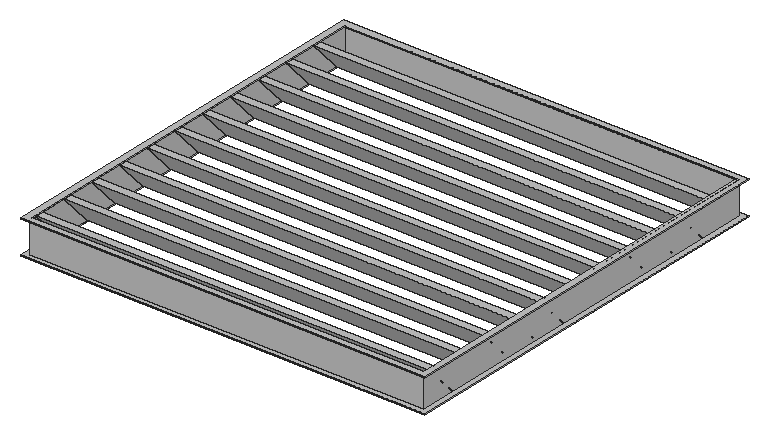
Revit family "Louver-Flanged_Frame-Carnes-Backdraft_Damper-Exhaust_FTPB", category Air Terminals, host Face, Revit 2012
Parameters (values of type "(See Type Catalog)")
  ecoScorecard_data = ""
  ecoScorecard Product Page = "http://ecoscorecard.com/"
  Wall Thickness Cut [instance] = 9.03516"
  URL = "http://www.carnes.com/index.html"
  Subcategory = "Louvers and Dampers"
  Specifications  URL = "http://www.carnes.com/Louvers/pdf/30097.pdf"
  Product Page URL = "http://www.carnes.com/Louvers/FPPB-FTPB.htm"
  Product Line = "Combination Louver / Backdraft Damper"
  Pressure Drop = 0.00 Pa
  Outside Width = Louver Width Control + 0.75" * 2  # 49.50"
  Outside Height = Louver Height Control + 0.75" * 2  # 49.50"
  Model = "FTPB"
  Minimum Size = "12\"W x 12\"H"
  Meets Building Code Standards = "See Catalog URL"
  Maximum Size Note = "60\"W x 120\"H"
  Manufacturer = "Carnes Company"
  Louver Width Control = if(Louver Width < 12.00", 12.00", if(Louver Width > 60.00", 60.00", Louver Width))  # 48.00"
  Louver Height Control = if(Louver Height < 12.00", 12.00", if(Louver Height > 120.00", 120.00", Louver Height))  # 48.00"
  Free Area Note = "See Spec Sheet URL"
  Free Area = 0.00 SF
  Description = "Combination Louver / Backdraft Damper"
  Connector Description 1 = "Duct Connetor"
  Blades Quantity [instance] = (Louver Height Control - (Blade Offset from Frame - 0.75")) / 4.25"  # 11
  Manufacturer Phone = "608-845-6411"
  Manufacturer Fax = "608-845-6470"
  Manufacturer Email = "mailto:carnes@carnes.com"
  Manufacturer Address = "448 S. Main St., P. O. Box 930040, Verona, WI 53593-0040"
  Louver Width = 48.00"
  Louver Length = 4.16016"
  Louver Height = 48.00"
  Blades Length [instance] = Louver Length - (0.13" * 2)  # 3.90016"
  Frame Material = Aluminum - Carnes - Extruded
  Default Elevation = 48.00"
  Cost Info = "mailto:carnes@carnes.com"
  Catalog URL = "http://www.carnes.com/Louvers/pdf/f40-41.pdf"
  Symbol Blades Quantity = Louver Width / 4.25"  # 11
  Blade Offset from Frame [instance] = 3.50"
  Blade Material = Aluminum - Carnes - Extruded
  Assembly Code = "D3090700"
  Airflow = 0 CFM
  95 CSI = "10200"
  04 CSI = "08 91 00"
Reference planes (in)
  plane 1 "Center (Elevation)": y = 0
  plane 2: z = 0
  plane 3 "Center (Left/Right)": x = 0
  plane 4 "Rear": z = -4.16016
  plane 5: z = -0.125
  plane 6: z = -4.03516
  plane 7: z = -2.08008
  plane 8: x = -24
  plane 9: x = 24
  plane 10: x = -24.75
  plane 11: x = 24.75
  plane 12: y = 24
  plane 13: y = -24
  plane 14: y = 24.75
  plane 15: y = -24.75
  plane 16 "Blade CL": y = 21.25
  plane 17: z = -9.03516
Forms (in)
  Extrusion 1, solid, material "Aluminum - Carnes - Extruded" <- "Frame Material"
    sketch origin (0, 0, 0) x (1, 0, 0) y (0, 1, 0)
      loop
        line (-24.75, 24.75) -> (-24.75, -24.75) -> (24.75, -24.75) -> (24.75, 24.75) -> (-24.75, 24.75)
      loop
        line (-24, 24) -> (-24, -24) -> (24, -24) -> (24, 24) -> (-24, 24)
    from -0.125 to 0
  Extrusion 2, solid, material "Aluminum - Carnes - Extruded" <- "Frame Material"
    sketch origin (0, 0, 0) x (1, 0, 0) y (0, 1, 0)
      loop
        line (-24.75, 24.75) -> (-24.75, -24.75) -> (24.75, -24.75) -> (24.75, 24.75) -> (-24.75, 24.75)
      loop
        line (-24, 24) -> (-24, -24) -> (24, -24) -> (24, 24) -> (-24, 24)
    from -4.16016 to -4.03516
  Extrusion 3, solid, material "Aluminum - Carnes - Extruded" <- "Frame Material"
    sketch origin (0, 0, 0) x (1, 0, 0) y (0, 1, 0)
      loop
        line (-24, 24) -> (-24, -24) -> (24, -24) -> (24, 24) -> (-24, 24)
      loop
        line (-24.125, 24.125) -> (-24.125, -24.125) -> (24.125, -24.125) -> (24.125, 24.125) -> (-24.125, 24.125)
    from -4.03516 to -0.125
  Sweep 4, void
    path origin (0, 0, 0) x (0, 1, 0) y (0, 0, 1)
      loop
        line (0, 0) -> (0, -9.03516)
    profile origin (0, 0, -4.51758) x (1, 0, 0) y (0, 1, 0)
      loop
        line (-24.75, 24.75) -> (-24.75, -24.75) -> (24.75, -24.75) -> (24.75, 24.75) -> (-24.75, 24.75)
Lines and regions (in)
  Masking region 1, detail levels coarse
    outline origin (0, 0, 0) x (1, 0, 0) y (0, 0, 1)
      loop
        line (24.75, 0) -> (-24.75, 0) -> (-24.75, -4.16016) -> (24.75, -4.16016) -> (24.75, 0)
  Masking region 2, detail levels medium+fine
    outline origin (0, 0, 0) x (1, 0, 0) y (0, 0, 1)
      loop
        line (24.75, 0) -> (-24.75, 0) -> (-24.75, -0.125) -> (-24.125, -0.125) -> (-24.125, -4.03516) -> (-24.75, -4.03516) -> (-24.75, -4.16016) -> (24.75, -4.16016) -> (24.75, -4.03516) -> (24.125, -4.03516) -> (24.125, -0.125) -> (24.75, -0.125) -> (24.75, 0)
  symbolic lines, detail levels fine
    curve 1: line (24.125, 0, -0.125) -> (-24.125, 0, -0.125)
    curve 2: line (24.125, 0, -4.03516) -> (-24.125, 0, -4.03516)
  symbolic lines
    curve 3: line (24, 0, -0.1875) -> (23.52861, 0, -0.1875)
    curve 4: line (21.47501, 0, -3.97516) -> (22.50249, 0, -2.08008)
    curve 5: line (22.50249, 0, -2.08008) -> (23.52861, 0, -0.1875)
    curve 6: line (21.47501, 0, -3.97516) -> (20.94248, 0, -3.97516)
    curve 7: line (19.75, 0, -0.1875) -> (19.27861, 0, -0.1875)
    curve 8: line (17.22501, 0, -3.97516) -> (18.25249, 0, -2.08008)
    curve 9: line (18.25249, 0, -2.08008) -> (19.27861, 0, -0.1875)
    curve 10: line (17.22501, 0, -3.97516) -> (16.69248, 0, -3.97516)
    curve 11: line (15.5, 0, -0.1875) -> (15.02861, 0, -0.1875)
    curve 12: line (12.97501, 0, -3.97516) -> (14.00249, 0, -2.08008)
    curve 13: line (14.00249, 0, -2.08008) -> (15.02861, 0, -0.1875)
    curve 14: line (12.97501, 0, -3.97516) -> (12.44248, 0, -3.97516)
    curve 15: line (11.25, 0, -0.1875) -> (10.77861, 0, -0.1875)
    curve 16: line (8.72501, 0, -3.97516) -> (9.75249, 0, -2.08008)
    curve 17: line (9.75249, 0, -2.08008) -> (10.77861, 0, -0.1875)
    curve 18: line (8.72501, 0, -3.97516) -> (8.19248, 0, -3.97516)
    curve 19: line (7, 0, -0.1875) -> (6.52861, 0, -0.1875)
    curve 20: line (4.47501, 0, -3.97516) -> (5.50249, 0, -2.08008)
    curve 21: line (5.50249, 0, -2.08008) -> (6.52861, 0, -0.1875)
    curve 22: line (4.47501, 0, -3.97516) -> (3.94248, 0, -3.97516)
    curve 23: line (2.75, 0, -0.1875) -> (2.27861, 0, -0.1875)
    curve 24: line (0.22501, 0, -3.97516) -> (1.25249, 0, -2.08008)
    curve 25: line (1.25249, 0, -2.08008) -> (2.27861, 0, -0.1875)
    curve 26: line (0.22501, 0, -3.97516) -> (-0.30752, 0, -3.97516)
    curve 27: line (-1.5, 0, -0.1875) -> (-1.97139, 0, -0.1875)
    curve 28: line (-4.02499, 0, -3.97516) -> (-2.99751, 0, -2.08008)
    curve 29: line (-2.99751, 0, -2.08008) -> (-1.97139, 0, -0.1875)
    curve 30: line (-4.02499, 0, -3.97516) -> (-4.55752, 0, -3.97516)
    curve 31: line (-5.75, 0, -0.1875) -> (-6.22139, 0, -0.1875)
    curve 32: line (-8.27499, 0, -3.97516) -> (-7.24751, 0, -2.08008)
    curve 33: line (-7.24751, 0, -2.08008) -> (-6.22139, 0, -0.1875)
    curve 34: line (-8.27499, 0, -3.97516) -> (-8.80752, 0, -3.97516)
    curve 35: line (-10, 0, -0.1875) -> (-10.47139, 0, -0.1875)
    curve 36: line (-12.52499, 0, -3.97516) -> (-11.49751, 0, -2.08008)
    curve 37: line (-11.49751, 0, -2.08008) -> (-10.47139, 0, -0.1875)
    curve 38: line (-12.52499, 0, -3.97516) -> (-13.05752, 0, -3.97516)
    curve 39: line (-14.25, 0, -0.1875) -> (-14.72139, 0, -0.1875)
    curve 40: line (-16.77499, 0, -3.97516) -> (-15.74751, 0, -2.08008)
    curve 41: line (-15.74751, 0, -2.08008) -> (-14.72139, 0, -0.1875)
    curve 42: line (-16.77499, 0, -3.97516) -> (-17.30752, 0, -3.97516)
    curve 43: line (-18.5, 0, -0.1875) -> (-18.97139, 0, -0.1875)
    curve 44: line (-21.02499, 0, -3.97516) -> (-19.99751, 0, -2.08008)
    curve 45: line (-19.99751, 0, -2.08008) -> (-18.97139, 0, -0.1875)
    curve 46: line (-21.02499, 0, -3.97516) -> (-21.55752, 0, -3.97516)
Dimensions and locks (in)
  equal spacing: plane 15, plane 1 "Center (Elevation)", plane 14
  locked: plane 2 to plane 5 at 0.125
  locked: plane 6 to plane 4 "Rear" at 0.125
  "Louver Length": plane 2 to plane 4 "Rear"
  equal spacing: plane 5, plane 7, plane 6
  "Blade Offset from Frame": plane 14 to plane 16 "Blade CL"
  "Outside Height": plane 14 to plane 15
  equal spacing: plane 8, plane 3 "Center (Left/Right)", plane 9
  "Louver Width": plane 8 to plane 9
  equal spacing: plane 10, plane 3 "Center (Left/Right)", plane 11
  "Outside Width": plane 10 to plane 11
  equal spacing: plane 13, plane 1 "Center (Elevation)", plane 12
  "Louver Height": plane 13 to plane 12
  locked: curve 3 to plane 5 at 0.0625
  equal spacing: group 1, group 2, group 3, group 4, group 5, group 6, group 7, group 8, group 9, group 10, group 22  (x2)
  equal spacing: group 22, group 10, group 9, group 8, group 7, group 6, group 5, group 4, group 3, group 2, group 1
  locked: nested 1 to nested 2 at 4.25
  plane 6 to curve 6 = 0.06"
  equal spacing: group 21, group 20, group 19, group 18, group 17, group 16, group 15, group 14, group 13, group 12, group 11
  equal spacing: group 11, group 12, group 13, group 14, group 15, group 16, group 17, group 18, group 19, group 20, group 21  (x2)
  locked: curve 5 to curve 9 at 4.25
  locked: curve 6 to plane 11 at 3.80752
  "Wall Thickness Cut": plane 2 to plane 17
  aligned and locked: plane 2 to host face
  aligned and locked: host face to level
  aligned and locked: plane 10 to Extrusion 1 sketch curve
  aligned and locked: Extrusion 1 sketch curve to plane 14
  aligned and locked: plane 15 to Extrusion 1 sketch curve
  aligned and locked: plane 11 to Extrusion 1 sketch curve
  aligned and locked: plane 8 to Extrusion 1 sketch curve
  aligned and locked: Extrusion 1 sketch curve to plane 12
  aligned and locked: plane 13 to Extrusion 1 sketch curve
  aligned and locked: plane 9 to Extrusion 1 sketch curve
  aligned and locked: Extrusion 1 to plane 5
  aligned and locked: plane 2 to Extrusion 1
  aligned and locked: Extrusion 2 sketch curve to Extrusion 1  (x6)
  aligned and locked: Extrusion 1 to Extrusion 2 sketch curve  (x2)
  aligned and locked: plane 6 to Extrusion 2
  aligned and locked: Extrusion 2 to plane 4 "Rear"
  aligned and locked: plane 8 to Extrusion 3 sketch curve
  aligned and locked: Extrusion 3 sketch curve to Extrusion 1  (x3)
  aligned and locked: plane 5 to Extrusion 3
  aligned and locked: Extrusion 3 to plane 6
  aligned and locked: plane 11 to Masking region 1 sketch curve
  aligned and locked: Masking region 1 sketch curve to plane 2
  aligned and locked: plane 4 "Rear" to Masking region 1 sketch curve
  aligned and locked: plane 10 to Masking region 1 sketch curve
  aligned and locked: Masking region 2 sketch curve to level
  aligned and locked: Masking region 2 sketch curve to plane 11  (x2)
  aligned and locked: plane 5 to Masking region 2 sketch curve  (x2)
  aligned and locked: Masking region 2 sketch curve to Extrusion 3  (x2)
  aligned and locked: plane 6 to Masking region 2 sketch curve  (x2)
  aligned and locked: plane 4 "Rear" to Masking region 2 sketch curve
  aligned and locked: Masking region 2 sketch curve to plane 10  (x2)
  aligned and locked: Extrusion 3 to curve 1  (x2)
  aligned and locked: curve 1 to plane 5
  aligned and locked: Extrusion 3 to curve 2  (x2)
  aligned and locked: curve 2 to plane 6
  aligned and locked: plane 3 "Center (Left/Right)" to nested 1
  aligned and locked: plane 7 to nested 1
  aligned and locked: nested 1 to plane 16 "Blade CL"
  aligned and locked: plane 9 to curve 3
  aligned and locked: plane 2 to Sweep 4 sketch curve
  aligned and locked: plane 17 to Sweep 4 sketch curve
  aligned and locked: Sweep 4 sketch curve to plane 1 "Center (Elevation)"
  aligned and locked: Sweep 4 sketch curve to plane 14
  aligned and locked: Sweep 4 sketch curve to plane 15
  aligned and locked: plane 10 to Sweep 4 sketch curve
  aligned and locked: plane 11 to Sweep 4 sketch curve
Automatic sketch dimensions
  Extrusion 3 sketch curve to plane 8 = 0.125"
  Extrusion 3 sketch curve to plane 9 = 0.125"
  plane 13 to Extrusion 3 sketch curve = 0.125"
  plane 12 to Extrusion 3 sketch curve = 0.125"
  host sketch curve to host sketch curve = 122.28147"
  host sketch curve to host sketch curve = 100.01977"
  curve 4 to curve 5 = 2.1557"  (x3)
  curve 4 to curve 5 = 2.15285"  (x4)
  curve 3 to curve 3 = 0.47139"  (x3)
  curve 6 to curve 6 = 0.53253"
  curve 4 to curve 4 = 2.1557"  (x2)
  curve 4 to curve 3 = 2.15285"  (x2)
  curve 6 to curve 4 = 0.53253"
  curve 6 to curve 5 = 2.45458"
Nested families (in)
  nested 1: "Louver-Carnes-Drainable_Blade" at (0, 20.875, -2.08008), type "Standard"
    with Width 48.00"
  nested 2: "Louver-Carnes-Drainable_Blade" at (0, 16.625, -2.08008), type "Standard"
    with Width 48.00"
  nested 3: "Louver-Carnes-Drainable_Blade" at (0, 12.375, -2.08008), type "Standard"
    with Width 48.00"
  nested 4: "Louver-Carnes-Drainable_Blade" at (0, 8.125, -2.08008), type "Standard"
    with Width 48.00"
  nested 5: "Louver-Carnes-Drainable_Blade" at (0, 3.875, -2.08008), type "Standard"
    with Width 48.00"
  nested 6: "Louver-Carnes-Drainable_Blade" at (0, -0.375, -2.08008), type "Standard"
    with Width 48.00"
  nested 7: "Louver-Carnes-Drainable_Blade" at (0, -4.625, -2.08008), type "Standard"
    with Width 48.00"
  nested 8: "Louver-Carnes-Drainable_Blade" at (0, -8.875, -2.08008), type "Standard"
    with Width 48.00"
  nested 9: "Louver-Carnes-Drainable_Blade" at (0, -13.125, -2.08008), type "Standard"
    with Width 48.00"
  nested 10: "Louver-Carnes-Drainable_Blade" at (0, -17.375, -2.08008), type "Standard"
    with Width 48.00"
  nested 11: "Louver-Carnes-Drainable_Blade" at (0, -21.625, -2.08008), type "Standard"
    with Width 48.00"
Connectors (in)
  hvac at (0, 0, -4.16016), driven by "Louver Height Control", driven by "Louver Width Control", driven by "Connector Description 1", driven by "Airflow", driven by "Pressure Drop"
    settings: on Extrusion 2, index 1, duct flow 0 CFM, flow factor 0, pres drop 0.00 Pa, loss coef 0, conn angle 0.00°, conn width 48", conn height 48", conn radius 12", duct sys type 3, conn prof type 1, flow config 0, flow direction 2, loss method 4, conn ref index -1, conn util no, is conn primary yes, conn desc "Duct Connetor"
Definition of nested family "Louver-Carnes-Drainable_Blade"
  Parameters (values of type "Standard")
    Width = 51.00"
    Height = 3.91"
    Blade Material = Aluminum - Carnes - Extruded
    Length = 4.16016"
    Assembly Code = ""
  Reference planes (in)
    plane 1 "Center (Front/Back)": y = 0.375
    plane 2: z = 0
    plane 3 "Center (Left/Right)": x = 0
    plane 4: y = 2.45508
    plane 5: y = -1.70508
    plane 6: z = 1.955
    plane 7: z = -1.955
    plane 8: x = -25.5
    plane 9: x = 25.5
  Forms (in)
    Sweep 1, solid, material "Aluminum - Carnes - Extruded" <- "Blade Material"
      path origin (-0.375, 0.375, 0) x (0, -1, 0) y (1, 0, 0)
        loop
          line (0, -25.125) -> (0, 25.875)
      profile origin (0, 0.375, 0) x (0, 1, 0) y (0, 0, 1)
        loop
          line (2.08008, -1.68742) -> (1.95508, -1.68742) -> (1.95508, -1.83) -> (1.5617, -1.83) -> (-1.79503, 1.82917) -> (-1.1242, 1.82917) -> (-1.1242, 1.955) -> (-2.08008, 1.955) -> (1.50674, -1.955) -> (2.08008, -1.955) -> (2.08008, -1.68742)
  Dimensions and locks (in)
    equal spacing: plane 6, plane 2, plane 7
    equal spacing: plane 8, plane 3 "Center (Left/Right)", plane 9
    "Width": plane 8 to plane 9
    equal spacing: plane 4, plane 1 "Center (Front/Back)", plane 5
    "Length": plane 4 to plane 5
    "Height": plane 6 to plane 7
    aligned and locked: plane 8 to Sweep 1 sketch curve
    aligned and locked: plane 9 to Sweep 1 sketch curve
    aligned and locked: plane 1 "Center (Front/Back)" to Sweep 1 sketch curve
    aligned and locked: Sweep 1 sketch curve to plane 6
    aligned and locked: plane 7 to Sweep 1 sketch curve
    aligned and locked: plane 4 to Sweep 1 sketch curve
    aligned and locked: plane 2 to level
  Automatic sketch dimensions
    Sweep 1 sketch curve to Sweep 1 sketch curve = 0.67084"
    Sweep 1 sketch curve to Sweep 1 sketch curve = 0.05496"
    Sweep 1 sketch curve to Sweep 1 sketch curve = 0.125"  (x2)
    Sweep 1 sketch curve to Sweep 1 sketch curve = 0.14258"
    Sweep 1 sketch curve to Sweep 1 sketch curve = 0.12583"
    Sweep 1 sketch curve to Sweep 1 sketch curve = 0.39337"
    Sweep 1 sketch curve to Sweep 1 sketch curve = 0.28505"
    profile plane to Sweep 1 sketch curve = 1.1242"
